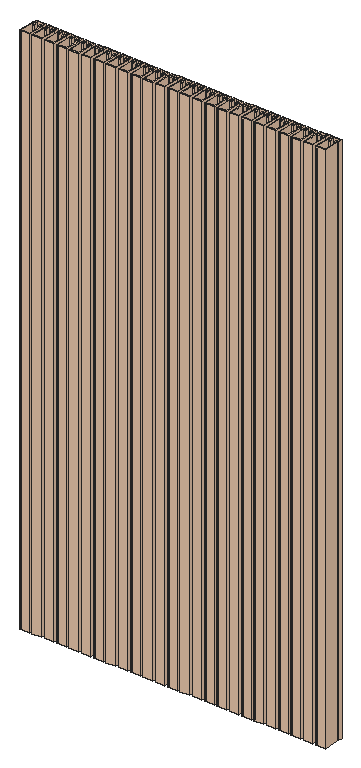
Revit family "Lateral profile", category Mechanical Equipment, Revit 2017
Family settings
  Round Connector Dimension = Use Diameter
  Part Type = Normal
  Work Plane-Based = No
  Always vertical = Yes
  Cut with Voids When Loaded = No
  Shared = No
  Room Calculation Point = No
Parameters (values of type "Oak")
  URL = ""
  Single = Panel Number = 1  # no
  Panel Number = 25
  Distance between beam = 5 mm
  Array Number = if(Panel Number = 1, 2, Panel Number)  # 25
  Model = "Lateral Profile"
  Manufacturer = "gtoaluminum"
  Height = 1000 mm
  Finish = Wood (Oak)
  Description = "This profile is our best-selling item within the 4cm cladding category. It is perfect for covering cracks, peelings, and marks on walls without the need for wall treatment. It can be used for pergolas, fences, doors, ceilings, and both interior and exterior walls. It comes in different shades of wood and other colors or can be painted in a custom color. The installation is straightforward, and the finishing looks seamless without any noticeable screws or marks."
  Bottom Offset = 0 mm
  Array = not(Single)  # yes
Types (8, lengths in mm): name | Panel Number | Distance between beam | Array Number | Height | Finish | Bottom Offset
  (no name) | 25 | 5 | 25 | 1000 | Wood (Oak) | 0
  Espresso | 5 | 5 | 5 | 3000 | Espresso | 50
  Oak | 25 | 5 | 25 | 1000 | Wood (Oak) | 0
  Pine | 5 | 0 | 5 | 3000 | Pine, Scots | 50
  Gray | 5 | 5 | 5 | 3000 | Gray | 50
  Charcol | 15 | 5 | 15 | 1500 | Charcol | 50
  Matte | 5 | 5 | 5 | 3000 | Matte | 50
  gloss | 5 | 5 | 5 | 3000 | Gloss | 50
Reference planes
  plane 1 "Center (Front/Back)": y = 0
  plane 2: z = 0
  plane 3 "Center (Left/Right)": x = 0
  plane 4: x = 18
  plane 5: x = 23
Dimensions and locks
  equal spacing: group 1, group 2, group 3, group 4, group 5, group 6, group 7, group 8, group 9, group 10, group 11, group 12, group 13, group 14, group 15, group 16, group 17, group 18, group 19, group 20, group 21, group 22, group 23, group 24, group 25  (x3)
  locked: plane 3 "Center (Left/Right)" to plane 4 at 18
  "Distance between beam": plane 4 to plane 5
  aligned and locked: level to plane 2
  aligned and locked: plane 3 "Center (Left/Right)" to nested 1
  aligned and locked: plane 3 "Center (Left/Right)" to nested 3
  aligned and locked: plane 5 to nested 2
Nested families
  nested 1: "profile" at (0, 0, 0), visible <- "Array", type "profile"
    with Height 1000 mm, Bottom Offset 0 mm
  nested 2: "profile" at (23, 0, 0), visible <- "Array", type "profile"
    with Height 1000 mm, Bottom Offset 0 mm
  nested 3: "profile" at (0, 0, 0), visible <- "Single", type "profile"
    with Height 1000 mm, Bottom Offset 0 mm
  nested 4: "profile" at (46, 0, 0), visible <- "Array", type "profile"
    with Height 1000 mm, Bottom Offset 0 mm
  nested 5: "profile" at (69, 0, 0), visible <- "Array", type "profile"
    with Height 1000 mm, Bottom Offset 0 mm
  nested 6: "profile" at (92, 0, 0), visible <- "Array", type "profile"
    with Height 1000 mm, Bottom Offset 0 mm
  nested 7: "profile" at (115, 0, 0), visible <- "Array", type "profile"
    with Height 1000 mm, Bottom Offset 0 mm
  nested 8: "profile" at (138, 0, 0), visible <- "Array", type "profile"
    with Height 1000 mm, Bottom Offset 0 mm
  nested 9: "profile" at (161, 0, 0), visible <- "Array", type "profile"
    with Height 1000 mm, Bottom Offset 0 mm
  nested 10: "profile" at (184, 0, 0), visible <- "Array", type "profile"
    with Height 1000 mm, Bottom Offset 0 mm
  nested 11: "profile" at (207, 0, 0), visible <- "Array", type "profile"
    with Height 1000 mm, Bottom Offset 0 mm
  nested 12: "profile" at (230, 0, 0), visible <- "Array", type "profile"
    with Height 1000 mm, Bottom Offset 0 mm
  nested 13: "profile" at (253, 0, 0), visible <- "Array", type "profile"
    with Height 1000 mm, Bottom Offset 0 mm
  nested 14: "profile" at (276, 0, 0), visible <- "Array", type "profile"
    with Height 1000 mm, Bottom Offset 0 mm
  nested 15: "profile" at (299, 0, 0), visible <- "Array", type "profile"
    with Height 1000 mm, Bottom Offset 0 mm
  nested 16: "profile" at (322, 0, 0), visible <- "Array", type "profile"
    with Height 1000 mm, Bottom Offset 0 mm
  nested 17: "profile" at (345, 0, 0), visible <- "Array", type "profile"
    with Height 1000 mm, Bottom Offset 0 mm
  nested 18: "profile" at (368, 0, 0), visible <- "Array", type "profile"
    with Height 1000 mm, Bottom Offset 0 mm
  nested 19: "profile" at (391, 0, 0), visible <- "Array", type "profile"
    with Height 1000 mm, Bottom Offset 0 mm
  nested 20: "profile" at (414, 0, 0), visible <- "Array", type "profile"
    with Height 1000 mm, Bottom Offset 0 mm
  nested 21: "profile" at (437, 0, 0), visible <- "Array", type "profile"
    with Height 1000 mm, Bottom Offset 0 mm
  nested 22: "profile" at (460, 0, 0), visible <- "Array", type "profile"
    with Height 1000 mm, Bottom Offset 0 mm
  nested 23: "profile" at (483, 0, 0), visible <- "Array", type "profile"
    with Height 1000 mm, Bottom Offset 0 mm
  nested 24: "profile" at (506, 0, 0), visible <- "Array", type "profile"
    with Height 1000 mm, Bottom Offset 0 mm
  nested 25: "profile" at (529, 0, 0), visible <- "Array", type "profile"
    with Height 1000 mm, Bottom Offset 0 mm
  nested 26: "profile" at (552, 0, 0), visible <- "Array", type "profile"
    with Height 1000 mm, Bottom Offset 0 mm
Definition of nested family "profile"
  Parameters (values of type "profile")
    Height = 3000 mm
    Finish = none
    Bottom Offset = 50 mm
  Reference planes
    plane 1 "Center (Front/Back)": y = 0
    plane 2: z = 0
    plane 3 "Center (Left/Right)": x = 0
    plane 4: z = 3000
    plane 5: z = 50
  Forms (mm)
    Extrusion 1, solid, material <- "Finish"
      sketch origin (-100, 1.4, 0) x (1, 0, 0) y (0, 1, 0)
        loop
          line (111.8, 30.3) -> (116.8, 30.3) -> (116.8, 35.4) -> (101.2, 35.4) -> (101.2, 30.3) -> (106.2, 30.3) -> (106.2, 24.9) -> (101.2, 24.9) -> (101.2, -0.2) -> (116.8, -0.2) -> (116.8, 24.9) -> (111.8, 24.9) -> (111.8, 30.3)
        loop
          line (118, 36.6) -> (100, 36.6) -> (100, 29.1) -> (105, 29.1) -> (105, 26.1) -> (100, 26.1) -> (100, -1.4) -> (118, -1.4) -> (118, 26.1) -> (113, 26.1) -> (113, 29.1) -> (118, 29.1) -> (118, 36.6)
      from 50 to 3000
  Dimensions and locks
    "Height": plane 4 to plane 2
    "Bottom Offset": plane 5 to level
    aligned and locked: level to plane 2
    aligned and locked: Extrusion 1 to plane 4
    aligned and locked: plane 5 to Extrusion 1
  Automatic sketch dimensions
    plane 3 "Center (Left/Right)" to Extrusion 1 sketch curve = 1.2 mm
    Extrusion 1 sketch curve to plane 1 "Center (Front/Back)" = 26.3 mm
    Extrusion 1 sketch curve to Extrusion 1 sketch curve = 15.6 mm
    Extrusion 1 sketch curve to Extrusion 1 sketch curve = 0 mm  (x2)
    Extrusion 1 sketch curve to Extrusion 1 sketch curve = 5 mm  (x3)
    Extrusion 1 sketch curve to Extrusion 1 sketch curve = 25.1 mm
    Extrusion 1 sketch curve to Extrusion 1 sketch curve = 5.4 mm
    Extrusion 1 sketch curve to Extrusion 1 sketch curve = 5.1 mm  (x2)
    Extrusion 1 sketch curve to Extrusion 1 sketch curve = 1.2 mm  (x12)
